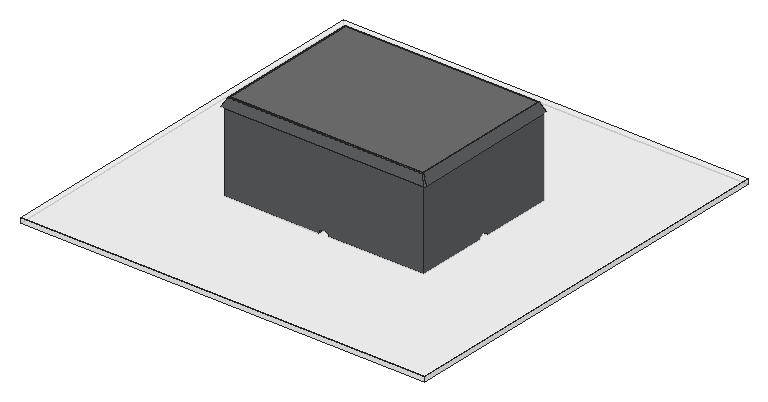
Revit family "BS-678", category Communication Devices, host Face, Revit 2016
Family settings
  Host = Face
  Maintain Annotation Orientation = No
  Part Type = Normal
  Round Connector Dimension = Use Diameter
  OmniClass Number = 23.85.10.11.14
  OmniClass Title = Audio Equipment
  Cut with Voids When Loaded = Yes
  Shared = No
  Room Calculation Point = No
Parameters (values of type "BS-678BSB")
  Weight = "1.7 kg (3.75 lb)"
  URL = "http://toa.com.sg"
  Speaker Mounting Method = "Wall-mount"
  Speaker Component = "6\" (16cm) double cone-type"
  Sensitivity (1W,1m) = "94 dB (1 W, 1 m) (500 – 5,000 Hz, pink noise)\r\n92 dB (1 W, 1 m) (100 – 10,000 Hz, pink noise)\r\n80 dB (1 W, 4 m) (100 – 10,000 Hz, pink noise)"
  Rated Input = "6 W (100 V line), 3 W (70 V line)"
  Operating Temperature = "-10° C to +50° C (14° F to 122° F)"
  Model Type = "WALL MOUNT SPEAKERS"
  Mesh = Black Mesh
  Maximum Sound Pressure Level = "98 dB (6 W, 1 m) (100 – 10,000 Hz, pink noise), 86 dB (6 W, 4 m) (100 – 10,000 Hz, pink noise)"
  Frequency Response = "150 – 18,000 Hz"
  Rated Impedance = "100 V line:1.7k Ω (6 W), 3.3k Ω (3 W), 6.7k Ω (1.5 W), 13k Ω (0.8 W), 70 V line: 1.7k Ω (3 W), 3.3k Ω (1.5 W), 6.7k Ω (0.8 W), 13k Ω (0.4W)"
  Model By = "BIMLIFE PTE LTD"  # constant formula
  Model = "BS-678B"
  Manufacturer = "TOA Electronics Pte Ltd"  # constant formula
  Supplier Tel = "+65 6835 9119"  # constant formula
  Supplier Fax = "+65 6835 9559"  # constant formula
  Supplier Address = "491B River Valley Road, #19-03/04 Valley Point Office Tower, Singapore 248373"  # constant formula
  Supplier = "TOA Electronics Pte Ltd"  # constant formula
  Suppiler Email = "http://toa.com.sg"  # constant formula
  Material = MATT BLACK
  Finish = "Baffle: HIPS resin, black (RAL 9011 or equivalent color) Cabinet: Particle board with pvc sheet, black (RAL 9011 or equivalent color)\r\nGrille: Surface-treated steel plate net, black (RAL 9011 or equivalent color)"
  Environmental Type = "A (indoor applications)"
  Dimension = "250 (W) × 190 (H) × 110 (D) mm\r\n(9.84\" × 7.48\" × 4.33\")"
  Default Elevation = 0 mm
  Coverage Angle = "Horizontal: 360° (500 Hz), 135° (1,000 Hz),\r\n130° (2,000 Hz), 70° (4,000 Hz)\r\nVertical: 330° (500 Hz), 160° (1,000 Hz),\r\n135° (2,000 Hz), 70° (4,000 Hz)"
  Accessory = "Speaker mounting screw (4 × 35 (0.16\" × 1.38\")) × 2, Baffle fitting screw × 2"
  Copyright To = "TOA Electronics Pte Ltd"  # constant formula
  Connection = "Screw connector (steatite terminal × 2) bridging"
  Applicable Cable = "Conductor: Solid wire or 7-core wire\r\n0.8 - 7 mm² (AWG18-AWG9) for solid wire\r\n0.8 - 4 mm² (AWG18-AWG11) for 7-core wire"
Types (4, lengths in mm): name | Speaker Mounting Method | Sensitivity (1W,1m) | Operating Temperature | Model Type | Mesh | Maximum Sound Pressure Level | Frequency Response | Model | Material | Finish | Environmental Type | Dimension | Coverage Angle | Accessory | Connection | Applicable Cable
  BS-678 | "-" | "94dB (500Hz – 5kHz, pink noise)" | "-" | "WALL MOUNT SPEAKERS SYSTEM" | White Mesh | "-" | "150Hz – 20kHz (peak –20dB)" | "BS-678" | OFF-WHITE | "Baffle: HIPS resin, white (RAL 9010 or equivalent colour) Cabinet: Particle board with pvc sheet, white\r\n(RAL 9010 or equivalent colour) Grille: Surface-treated steel plate net, white (RAL 9010 or equivalent colour), paint" | "-" | "250 (W) × 190 (H) × 110 (D) mm (9.84\" × 7.48\" × 4.33\")" | "-" | "Speaker mounting screw (4 × 35 (0.16\" × 1.38\")) × 2" | "Push-in connector (bridging terminal)" | "600V vinyl-insulated cable (IV wire or HIV wire) Solid wire: ø0.8 – ø1.6mm (equivalent to AWG 20 – 14) 7-core twisted wire: 0.75 – 1.25mm2 (equivalent to AWG 18 – 16)"
  BS-678BSW | "Wall-mount" | "94 dB (1 W, 1 m) (500 – 5,000 Hz, pink noise)\r\n92 dB (1 W, 1 m) (100 – 10,000 Hz, pink noise)\r\n80 dB (1 W, 4 m) (100 – 10,000 Hz, pink noise)" | "-10° C to +50° C (14° F to 122° F)" | "WALL MOUNT SPEAKERS" | White Mesh | "98 dB (6 W, 1 m) (100 – 10,000 Hz, pink noise), 86 dB (6 W, 4 m) (100 – 10,000 Hz, pink noise)" | "150 – 18,000 Hz" | "BS-678BSW" | OFF-WHITE | "Baffle: HIPS resin, white (RAL 9010 or equivalent colour) Cabinet: Particle board with pvc sheet, white\r\n(RAL 9010 or equivalent colour) Grille: Surface-treated steel plate net, white (RAL 9010 or equivalent colour), paint" | "A (indoor applications)" | "250 (W) × 190 (H) × 110 (D) mm\r\n(9.84\" × 7.48\" × 4.33\")" | "Horizontal: 360° (500 Hz), 135° (1,000 Hz),\r\n130° (2,000 Hz), 70° (4,000 Hz)\r\nVertical: 330° (500 Hz), 160° (1,000 Hz),\r\n135° (2,000 Hz), 70° (4,000 Hz)" | "Speaker mounting screw (4 × 35 (0.16\" × 1.38\")) × 2, Baffle fitting screw × 2" | "Screw connector (steatite terminal × 2) bridging" | "Conductor: Solid wire or 7-core wire\r\n0.8 - 7 mm² (AWG18-AWG9) for solid wire\r\n0.8 - 4 mm² (AWG18-AWG11) for 7-core wire"
  BS-678B | "-" | "94dB (500Hz – 5kHz, pink noise)" | "-" | "WALL MOUNT SPEAKERS" | Black Mesh | "-" | "150Hz – 20kHz (peak –20dB)" | "BS-678B" | MATT BLACK | "Baffle: HIPS resin, black (RAL 9011 or equivalent color) Cabinet: Particle board with pvc sheet, black (RAL 9011 or equivalent color)\r\nGrille: Surface-treated steel plate net, black (RAL 9011 or equivalent color)" | "-" | "250 (W) × 190 (H) × 110 (D) mm (9.84\" × 7.48\" × 4.33\")" | "-" | "Speaker mounting screw (4 × 35 (0.16\" × 1.38\")) × 2" | "Push-in connector (bridging terminal)" | "600V vinyl-insulated cable (IV wire or HIV wire) Solid wire: ø0.8 – ø1.6mm (equivalent to AWG 20 – 14) 7-core twisted wire: 0.75 – 1.25mm2 (equivalent to AWG 18 – 16)"
  BS-678BSB | "Wall-mount" | "94 dB (1 W, 1 m) (500 – 5,000 Hz, pink noise)\r\n92 dB (1 W, 1 m) (100 – 10,000 Hz, pink noise)\r\n80 dB (1 W, 4 m) (100 – 10,000 Hz, pink noise)" | "-10° C to +50° C (14° F to 122° F)" | "WALL MOUNT SPEAKERS" | Black Mesh | "98 dB (6 W, 1 m) (100 – 10,000 Hz, pink noise), 86 dB (6 W, 4 m) (100 – 10,000 Hz, pink noise)" | "150 – 18,000 Hz" | "BS-678B" | MATT BLACK | "Baffle: HIPS resin, black (RAL 9011 or equivalent color) Cabinet: Particle board with pvc sheet, black (RAL 9011 or equivalent color)\r\nGrille: Surface-treated steel plate net, black (RAL 9011 or equivalent color)" | "A (indoor applications)" | "250 (W) × 190 (H) × 110 (D) mm\r\n(9.84\" × 7.48\" × 4.33\")" | "Horizontal: 360° (500 Hz), 135° (1,000 Hz),\r\n130° (2,000 Hz), 70° (4,000 Hz)\r\nVertical: 330° (500 Hz), 160° (1,000 Hz),\r\n135° (2,000 Hz), 70° (4,000 Hz)" | "Speaker mounting screw (4 × 35 (0.16\" × 1.38\")) × 2, Baffle fitting screw × 2" | "Screw connector (steatite terminal × 2) bridging" | "Conductor: Solid wire or 7-core wire\r\n0.8 - 7 mm² (AWG18-AWG9) for solid wire\r\n0.8 - 4 mm² (AWG18-AWG11) for 7-core wire"
Reference planes
  plane 1 "Center (Front/Back)": y = 0
  plane 2: z = 0
  plane 3 "Center (Left/Right)": x = 0
Forms (mm)
  Extrusion 1, solid, material "Surface"
    sketch origin (1.238, -13.929, 0) x (1, 0, 0) y (0, 1, 0)
      loop
        line (-251.238, 263.929) -> (-251.238, -236.071) -> (248.762, -236.071) -> (248.762, 263.929) -> (-251.238, 263.929)
    from 0 to -6.497
  Extrusion 2, solid, material "MATT BLACK" <- "Material"
    sketch origin (0, 0, 0) x (1, 0, 0) y (0, 1, 0)
      loop
        line (-123, 93) -> (-123, -93) -> (123, -93) -> (123, 93) -> (-123, 93)
    from 0 to 98.5
  Blend 3, solid, material "MATT BLACK" <- "Material"
    base sketch origin (0, 0, 98.5) x (1, 0, 0) y (0, 1, 0)
      loop
        line (-126, -95) -> (125, -95)
        arc (125, -95) -> (125.707, -94.707) -> (126, -94) r 1
        line (126, -94) -> (126, 94)
        arc (126, 94) -> (125.707, 94.707) -> (125, 95) r 1
        line (125, 95) -> (-126, 95)
        arc (-126, 95) -> (-126.707, 94.707) -> (-127, 94) r 1
        line (-127, 94) -> (-127, -94)
        arc (-127, -94) -> (-126.707, -94.707) -> (-126, -95) r 1
    top sketch origin (0, 0, 98.5) x (1, 0, 0) y (0, 1, 0)
      loop
        arc (-119.605, 90.605) -> (-120.312, 90.312) -> (-120.605, 89.605) r 1
        line (-120.605, 89.605) -> (-120.605, -89.605)
        arc (-120.605, -89.605) -> (-120.312, -90.312) -> (-119.605, -90.605) r 1
        line (-119.605, -90.605) -> (119.605, -90.605)
        arc (119.605, -90.605) -> (120.312, -90.312) -> (120.605, -89.605) r 1
        line (120.605, -89.605) -> (120.605, 89.605)
        arc (120.605, 89.605) -> (120.312, 90.312) -> (119.605, 90.605) r 1
        line (119.605, 90.605) -> (-119.605, 90.605)
    from 0 to 11
  Extrusion 4, solid, material "Black Mesh" <- "Mesh"
    sketch origin (0, 0, 109.5) x (1, 0, 0) y (0, 1, 0)
      loop
        line (-119.75, 89.75) -> (-119.75, -89.75) -> (119.75, -89.75) -> (119.75, 89.75) -> (-119.75, 89.75)
    from -1 to 0
  Extrusion 5, void
    sketch origin (0, 0, 109.5) x (0, 1, 0) y (1, 0, 0)
      loop
        line (89.75, 119.75) -> (-89.75, 119.75) -> (-89.75, -119.75) -> (89.75, -119.75) -> (89.75, 119.75)
    from 0 to 1
  Extrusion 6, void
    sketch origin (82, -93, 0) x (1, 0, 0) y (0, 0, -1)
      loop
        spline (-88, 0) -> (-87.796, -1.294) -> (-87.196, -2.5) -> (-86.243, -3.536) -> (-85, -4.33) -> (-83.553, -4.83) -> (-82, -5) -> (-80.447, -4.83) -> (-79, -4.33) -> (-77.757, -3.536) -> (-76.804, -2.5) -> (-76.204, -1.294) -> (-76, 0)
        spline (-76, 0) -> (-76.204, 1.294) -> (-76.804, 2.5) -> (-77.757, 3.536) -> (-79, 4.33) -> (-80.447, 4.83) -> (-82, 5) -> (-83.553, 4.83) -> (-85, 4.33) -> (-86.243, 3.536) -> (-87.196, 2.5) -> (-87.796, 1.294) -> (-88, 0)
    from 0 to 186
  Extrusion 7, void
    sketch origin (123, 93, 0) x (0, 1, 0) y (0, 0, -1)
      loop
        spline (-99, 0) -> (-98.796, -1.294) -> (-98.196, -2.5) -> (-97.243, -3.536) -> (-96, -4.33) -> (-94.553, -4.83) -> (-93, -5) -> (-91.447, -4.83) -> (-90, -4.33) -> (-88.757, -3.536) -> (-87.804, -2.5) -> (-87.204, -1.294) -> (-87, 0)
        spline (-87, 0) -> (-87.204, 1.294) -> (-87.804, 2.5) -> (-88.757, 3.536) -> (-90, 4.33) -> (-91.447, 4.83) -> (-93, 5) -> (-94.553, 4.83) -> (-96, 4.33) -> (-97.243, 3.536) -> (-98.196, 2.5) -> (-98.796, 1.294) -> (-99, 0)
    from 0 to 246
  Extrusion 8, solid, material "MATT BLACK" <- "Material", not visible
    sketch origin (0, 0, 0) x (1, 0, 0) y (0, 1, 0)
      loop
        line (-123, 93) -> (-123, -93) -> (123, -93) -> (123, 93) -> (-123, 93)
    from 0 to 98.5
  Blend 9, solid, material "MATT BLACK" <- "Material", not visible
    base sketch origin (0, 0, 98.5) x (1, 0, 0) y (0, 1, 0)
      loop
        line (-126, -95) -> (125, -95)
        arc (125, -95) -> (125.707, -94.707) -> (126, -94) r 1
        line (126, -94) -> (126, 94)
        arc (126, 94) -> (125.707, 94.707) -> (125, 95) r 1
        line (125, 95) -> (-126, 95)
        arc (-126, 95) -> (-126.707, 94.707) -> (-127, 94) r 1
        line (-127, 94) -> (-127, -94)
        arc (-127, -94) -> (-126.707, -94.707) -> (-126, -95) r 1
    top sketch origin (0, 0, 98.5) x (1, 0, 0) y (0, 1, 0)
      loop
        arc (-119.605, 90.605) -> (-120.312, 90.312) -> (-120.605, 89.605) r 1
        line (-120.605, 89.605) -> (-120.605, -89.605)
        arc (-120.605, -89.605) -> (-120.312, -90.312) -> (-119.605, -90.605) r 1
        line (-119.605, -90.605) -> (119.605, -90.605)
        arc (119.605, -90.605) -> (120.312, -90.312) -> (120.605, -89.605) r 1
        line (120.605, -89.605) -> (120.605, 89.605)
        arc (120.605, 89.605) -> (120.312, 90.312) -> (119.605, 90.605) r 1
        line (119.605, 90.605) -> (-119.605, 90.605)
    from 0 to 11
  Extrusion 10, solid, material "Black Mesh" <- "Mesh", not visible
    sketch origin (0, 0, 109.5) x (1, 0, 0) y (0, 1, 0)
      loop
        line (-119.75, 89.75) -> (-119.75, -89.75) -> (119.75, -89.75) -> (119.75, 89.75) -> (-119.75, 89.75)
    from -1 to 0
  Extrusion 11, void, not visible
    sketch origin (0, 0, 109.5) x (0, 1, 0) y (1, 0, 0)
      loop
        line (89.75, 119.75) -> (-89.75, 119.75) -> (-89.75, -119.75) -> (89.75, -119.75) -> (89.75, 119.75)
    from 0 to 1
  Extrusion 12, void, not visible
    sketch origin (82, -93, 0) x (1, 0, 0) y (0, 0, -1)
      loop
        spline (-88, 0) -> (-87.796, -1.294) -> (-87.196, -2.5) -> (-86.243, -3.536) -> (-85, -4.33) -> (-83.553, -4.83) -> (-82, -5) -> (-80.447, -4.83) -> (-79, -4.33) -> (-77.757, -3.536) -> (-76.804, -2.5) -> (-76.204, -1.294) -> (-76, 0)
        spline (-76, 0) -> (-76.204, 1.294) -> (-76.804, 2.5) -> (-77.757, 3.536) -> (-79, 4.33) -> (-80.447, 4.83) -> (-82, 5) -> (-83.553, 4.83) -> (-85, 4.33) -> (-86.243, 3.536) -> (-87.196, 2.5) -> (-87.796, 1.294) -> (-88, 0)
    from 0 to 186
  Extrusion 13, void, not visible
    sketch origin (123, 93, 0) x (0, 1, 0) y (0, 0, -1)
      loop
        spline (-99, 0) -> (-98.796, -1.294) -> (-98.196, -2.5) -> (-97.243, -3.536) -> (-96, -4.33) -> (-94.553, -4.83) -> (-93, -5) -> (-91.447, -4.83) -> (-90, -4.33) -> (-88.757, -3.536) -> (-87.804, -2.5) -> (-87.204, -1.294) -> (-87, 0)
        spline (-87, 0) -> (-87.204, 1.294) -> (-87.804, 2.5) -> (-88.757, 3.536) -> (-90, 4.33) -> (-91.447, 4.83) -> (-93, 5) -> (-94.553, 4.83) -> (-96, 4.33) -> (-97.243, 3.536) -> (-98.196, 2.5) -> (-98.796, 1.294) -> (-99, 0)
    from 0 to 246
Cuts and joins
  Extrusion 5, Extrusion 6, Extrusion 7 cuts Extrusion 2
  Extrusion 5 cuts Blend 3
Dimensions and locks
  cut or joined group of Blend 3, Extrusion 5 to cut or joined group of Extrusion 2, Extrusion 5, Extrusion 6, Extrusion 7 = 250 mm
  cut or joined group of Blend 3, Extrusion 5 to cut or joined group of Blend 3, Extrusion 5 = 190 mm
  aligned and locked: plane 2 to Extrusion 1
  aligned and locked: level to Extrusion 1
  aligned and locked: plane 3 "Center (Left/Right)" to cut or joined group of Extrusion 2, Extrusion 5, Extrusion 6, Extrusion 7
